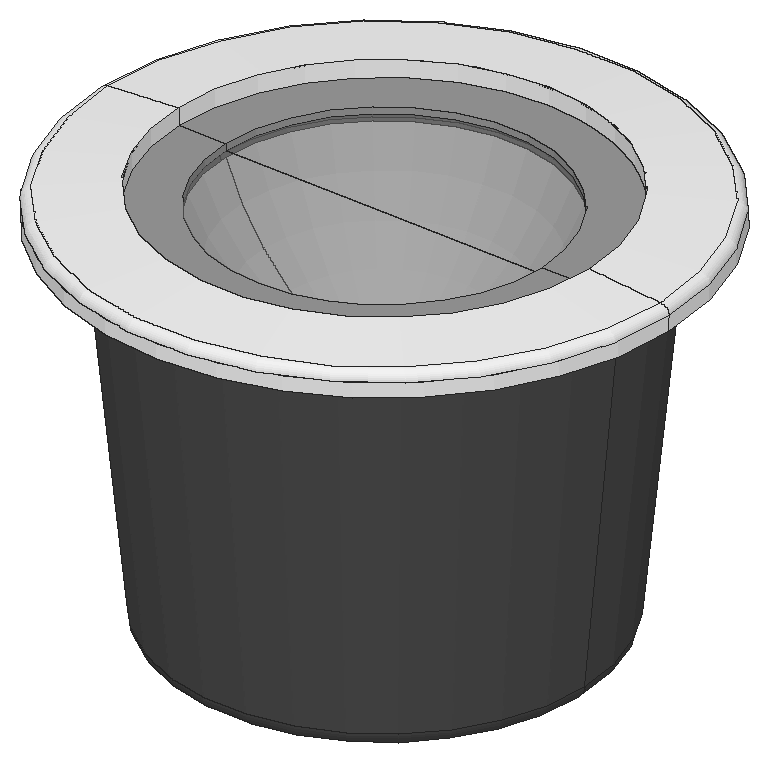
Revit family "3097101 Lighting Fixture_Sylvania_Insaver LED 75 - Round - White Bezel_Ceiling Recessed", category Lighting Fixtures, host Face, Revit 2017
Family settings
  Host = Face
  Round Connector Dimension = Use Diameter
  Part Type = Normal
  OmniClass Number = 23.80.70.11.17
  OmniClass Title = Specialized Lighting by Location or Use
  Cut with Voids When Loaded = No
  Light Source = Yes
  Shared = No
  Room Calculation Point = No
Parameters (values of type "Insaver 75 LED RS WW DB WH")
  Weight = 0.4 kg  # constant formula
  Wattage = 20.1818 W
  built-in parameter 1150110 = 1 (stored number, unit not read)
  Voltage Comments = "UNV (Universal Voltage; 230/240 Volt)"  # constant formula
  Voltage = 230 V  # constant formula
  URL = "http://www.sylvania-lighting.com"
  Transformator Marerial = Metallic Paint_Sylvania_Insaver LED 75_Black_RAL 9005
  built-in parameter 1114217 = 1 (stored number, unit not read)
  Tilt Angle = -90°
  built-in parameter 1150109 = 1 (stored number, unit not read)
  built-in parameter 1150134 = (empty or 0)
  T Class Min = -1 °C
  T Class Max = -1 °C
  built-in parameter 1150113 = 1 (stored number, unit not read)
  Radius = 45.0 mm  # constant formula
  Product Page URL = "http://www.sylvania-lighting.com/product/en-int/products/3097101"
  Product Family = "Insaver LED 75 - Round - White Bezel"  # constant formula
  Photometry Comments = ""
  Photometric Web File = "3097100_Insaver75LEDRSWWDBWH-185530.ies"
  Life = "50 000 h"  # constant formula
  IP Rating = "IP65"  # constant formula
  Emit from Circle Diameter = Diameter - 40.0 mm  # 50.0 mm
  Electrical Protection = "Class II"  # constant formula
  Drive Current = "350 mA"  # constant formula
  Diameter = Radius * 2  # 90.0 mm
  Cutout Diameter = 75.0 mm  # constant formula
  CRI ( Ra ) = 85  # constant formula
  Beam Angle = 55°  # constant formula
  Accesory Material = Metallic Paint_Sylvania_Insaver LED 75_White_RAL 9016
  Height = 65.0 mm  # constant formula
  built-in parameter 1114216 [instance] = 1 (stored number, unit not read)
  Model = "Insaver 75 LED RS WW DB WH"
  Manufacturer = "Feilo Sylvania"
  built-in parameter 1150105 = 70.665 (stored number, unit not read)
  Lumens = 888 lm
  built-in parameter 1150115 = 1 (stored number, unit not read)
  built-in parameter 1150137 = (empty or 0)
  built-in parameter 1150139 = (empty or 0)
  built-in parameter 1150112 = 1 (stored number, unit not read)
  built-in parameter 1150114 = 1 (stored number, unit not read)
  Lamp Comments = "Integrated LED"  # constant formula
  Lamp = "16W High Brightnes LED array"
  built-in parameter 1150132 = 2
  built-in parameter 1150102 = (empty or 0)
  built-in parameter 1150107 = 3000 (stored number, unit not read)
  built-in parameter 1150138 = (empty or 0)
  built-in parameter 1150106 = 0.70665 (stored number, unit not read)
  Reflector Material = Aluminium_Sylvania_Insaver LED 75_Silver
  Emit Shape Visible in Rendering = no
  built-in parameter 1150104 = 4.0877 (stored number, unit not read)
  Dimming Lamp Color Temperature Shift = <None>
  Description = "Innovative square or round design using array chip technology High colour\r\nrendering index CRI Thermal management ensures service life up to 50.000\r\nhrs Low power consumption - 16W"  # constant formula
  Default Elevation = 0.0 mm
  Color Filter = 16777215
  Catalog Number = "3097100 Insaver 75 LED RS WW DB WH"
  built-in parameter 1140040 [instance] = (empty or 0)
  built-in parameter 1114218 = 1 (stored number, unit not read)
  built-in parameter 1150133 = 10 (stored number, unit not read)
  Assembly Code = "D5020200"
  Apparent Load Comments = ""
  Apparent Load = 16 VA
Types (2, lengths in mm): name | Wattage | built-in parameter 1150134 | Photometric Web File | Model | built-in parameter 1150105 | Lumens | built-in parameter 1150107 | built-in parameter 1150106 | Catalog Number
  Insaver 75 LED RS WW DB WH | 20.1818 W | (empty or 0) | "3097100_Insaver75LEDRSWWDBWH-185530.ies" | "Insaver 75 LED RS WW DB WH" | 70.665 (stored number, unit not read) | 888 lm | 3000 (stored number, unit not read) | 0.70665 (stored number, unit not read) | "3097100 Insaver 75 LED RS WW DB WH"
  Insaver 75 LED RS NW DB WH | 18.6364 W | 12 | "3097101_Insaver75LEDRSNWDBWH-185541.ies" | "Insaver 75 LED RS NW DB WH" | 1034.6 (stored number, unit not read) | 820 lm | 4000 (stored number, unit not read) | 10.346 (stored number, unit not read) | "3097101 Insaver 75 LED RS NW DB WH"
Reference planes
  plane 1 "Center (Front/Back)": y = 0
  plane 2: z = 0
  plane 3 "Center (Left/Right)": x = 0
  plane 4: z = 0
  plane 5 "Fixture Bottom": z = 4.5
  plane 6 "Fixture Top": z = -65
  plane 7: z = 2
Forms (mm)
  Extrusion 1, void
    sketch origin (0, 0, 59) x (-1, 0, 0) y (0, -1, 0)
      loop
        circle (0, 0) r 37.5
    from -309 to 86
  Revolve 2, solid, material "Metallic Paint_Sylvania_Insaver LED 75_Black_RAL 9005" <- "Transformator Marerial", detail levels fine
    sketch origin (0, 0, 0) x (1, 0, 0) y (0, 0, 1)
      loop
        arc (26.104, 0) -> (19.919, -11.419) -> (10.298, -20.14) r 38.6
        line (10.298, -20.14) -> (0, -20.14) -> (0, -65)
        arc (0, -65) -> (15.667, -62.963) -> (30.31, -57.032) r 62
        arc (30.31, -57.032) -> (31.261, -56.188) -> (31.777, -55.026) r 3
        arc (31.777, -55.026) -> (35.691, -29.638) -> (37, -3.983) r 252
        line (37, -3.983) -> (37, 0) -> (26.104, 0)
      axis (0, -65) -> (0, 0)
    angle from 0 to 360
  Revolve 3, solid, material "Metallic Paint_Sylvania_Insaver LED 75_White_RAL 9016" <- "Accesory Material", detail levels fine
    sketch origin (0, 0, 27.453) x (1, 0, 0) y (0, 0, 1)
      loop
        line (45, -27.453) -> (45, -25.318)
        arc (45, -25.318) -> (44.613, -24.317) -> (43.654, -23.837) r 1.488
        line (43.654, -23.837) -> (32.5, -22.953) -> (32.5, -27.453) -> (45, -27.453)
      axis (0, -27.453) -> (0, -22.953)
    angle from 0 to 360
  Revolve 4, solid, material "Aluminium_Sylvania_Insaver LED 75_Silver" <- "Reflector Material", detail levels fine
    sketch origin (0, 0, 42.453) x (1, 0, 0) y (0, 0, 1)
      loop
        line (32.5, -42.453) -> (32.5, -40.453) -> (25, -40.453) -> (25, -41.453) -> (0, -41.453) -> (0, -42.453) -> (25.043, -42.453)
        arc (25.043, -42.453) -> (19.112, -53.273) -> (10, -61.593) r 37.622
        line (10, -61.593) -> (0, -61.593) -> (0, -62.593) -> (10.298, -62.593)
        arc (10.298, -62.593) -> (19.918, -53.871) -> (26.104, -42.453) r 38.624
        line (26.104, -42.453) -> (32.5, -42.453)
      axis (0, -62.593) -> (0, -40.453)
    angle from 0 to 360
  Revolve 5, solid, material "Metallic Paint_Sylvania_Insaver LED 75_White_RAL 9016" <- "Accesory Material", detail levels coarse+medium
    sketch origin (0, 0, 60) x (1, 0, 0) y (0, 0, 1)
      loop
        line (0, -55.5) -> (0, -125)
        arc (0, -125) -> (15.667, -122.963) -> (30.31, -117.032) r 62
        arc (30.31, -117.032) -> (31.261, -116.188) -> (31.777, -115.026) r 3
        arc (31.777, -115.026) -> (35.691, -89.638) -> (37, -63.983) r 252
        line (37, -63.983) -> (37, -60) -> (45, -60) -> (45, -55.5) -> (0, -55.5)
      axis (0, -125) -> (0, -55.5)
    angle from 0 to 360
Dimensions and locks
  "Height": host face to plane 6 "Fixture Top"
  "Radius": Revolve 3 sketch curve to imposter light
  locked: plane 5 "Fixture Bottom" to level at 4.5
  locked: plane 5 "Fixture Bottom" to plane 7 at 2.5
  locked: Revolve 3 sketch curve to Revolve 3 sketch curve at 12.5
  locked: Revolve 4 sketch curve to host face at 1
  "Radius": Revolve 5 sketch curve to Revolve 5 sketch curve
  locked: Revolve 5 sketch curve to Revolve 5 sketch curve at 37
  locked: Revolve 2 sketch curve to Revolve 2 sketch curve at 37
  "Cutout Diameter": diameter of Extrusion 1 sketch curve
  aligned and locked: plane 2 to host face
  aligned and locked: level to host face
  aligned and locked: plane 1 "Center (Front/Back)" to imposter light
  aligned and locked: level to Revolve 3 sketch curve
  aligned and locked: imposter light to Revolve 3 sketch curve
  aligned and locked: Revolve 2 sketch curve to level
  aligned and locked: level to Revolve 4 sketch curve  (x2)
  aligned and locked: plane 7 to Revolve 4 sketch curve
  aligned and locked: plane 6 "Fixture Top" to Revolve 5 sketch curve
  aligned and locked: plane 5 "Fixture Bottom" to Revolve 5 sketch curve
  aligned and locked: Revolve 5 sketch curve to Revolve 5 sketch curve
  aligned and locked: plane 6 "Fixture Top" to Revolve 2 sketch curve
  aligned and locked: plane 5 "Fixture Bottom" to imposter light
Automatic sketch dimensions
  host sketch curve to host sketch curve = 1305.563 mm
  host sketch curve to host sketch curve = 1283.632 mm
  Revolve 4 sketch curve to Revolve 4 sketch curve = 0.0 mm  (x2)
  Revolve 4 sketch curve to plane 3 "Center (Left/Right)" = 0.0 mm  (x3)
  Revolve 4 sketch curve to level = 20.14 mm
  Revolve 4 sketch curve to Revolve 4 sketch curve = 10.0 mm
  Revolve 4 sketch curve to Revolve 4 sketch curve = 0.298 mm
  plane 3 "Center (Left/Right)" to Revolve 4 sketch curve = 25.0 mm
  Revolve 4 sketch curve to Revolve 4 sketch curve = 0.043 mm
  Revolve 4 sketch curve to Revolve 4 sketch curve = 1.06 mm
  Revolve 4 sketch curve to Revolve 4 sketch curve = 6.396 mm
  plane 5 "Fixture Bottom" to Revolve 4 sketch curve = 7.927 mm
  Revolve 4 sketch curve to plane 6 "Fixture Top" = 195.546 mm
  Revolve 4 sketch curve to Revolve 4 sketch curve = 337.219 mm
  Revolve 2 sketch curve to plane 3 "Center (Left/Right)" = 0.0 mm  (x2)
  Revolve 2 sketch curve to level = 20.14 mm
  plane 3 "Center (Left/Right)" to Revolve 2 sketch curve = 10.298 mm
  Revolve 2 sketch curve to Revolve 2 sketch curve = 10.896 mm
  plane 5 "Fixture Bottom" to Revolve 2 sketch curve = 7.911 mm
  Revolve 2 sketch curve to plane 6 "Fixture Top" = 237.999 mm
  Revolve 2 sketch curve to Revolve 2 sketch curve = 294.19 mm
  Revolve 2 sketch curve to level = 3.983 mm
  Revolve 2 sketch curve to plane 3 "Center (Left/Right)" = 0.096 mm
  plane 6 "Fixture Top" to Revolve 2 sketch curve = 10.582 mm
  plane 3 "Center (Left/Right)" to Revolve 2 sketch curve = 28.839 mm
  Revolve 2 sketch curve to Revolve 2 sketch curve = 1.471 mm
  Revolve 2 sketch curve to Revolve 2 sketch curve = 0.0 mm  (x2)
  plane 1 "Center (Front/Back)" to Extrusion 1 sketch curve = 0.0 mm
  Extrusion 1 sketch curve to plane 3 "Center (Left/Right)" = 0.0 mm
  Revolve 3 sketch curve to plane 3 "Center (Left/Right)" = 0.0 mm
  plane 7 to Revolve 3 sketch curve = 0.135 mm
  Revolve 3 sketch curve to Revolve 3 sketch curve = 1.488 mm
  Revolve 3 sketch curve to plane 5 "Fixture Bottom" = 0.884 mm
  Revolve 3 sketch curve to plane 6 "Fixture Top" = 210.546 mm
  plane 5 "Fixture Bottom" to Revolve 3 sketch curve = 329.554 mm
  Revolve 5 sketch curve to plane 3 "Center (Left/Right)" = 0.0 mm
  Revolve 5 sketch curve to level = 0.0 mm
  Revolve 5 sketch curve to plane 3 "Center (Left/Right)" = 0.096 mm
  Revolve 5 sketch curve to level = 3.983 mm
  Revolve 5 sketch curve to Revolve 5 sketch curve = 214.904 mm
  plane 6 "Fixture Top" to Revolve 5 sketch curve = 10.582 mm
  plane 3 "Center (Left/Right)" to Revolve 5 sketch curve = 28.839 mm
  Revolve 5 sketch curve to level = 3.0 mm
  Revolve 5 sketch curve to Revolve 5 sketch curve = 0.0 mm
  Revolve 5 sketch curve to plane 6 "Fixture Top" = 177.999 mm
  Revolve 5 sketch curve to Revolve 5 sketch curve = 362.101 mm
Connectors
  electrical at (0, 0, -65), driven by "Voltage", driven by "Apparent Load"
    settings: index 1, voltage 230 V, apparent load 0 VA, apparent load phase1 16 VA, apparent load phase2 0 VA, apparent load phase3 0 VA, power factor 1, load classification "Lighting", number of poles 1, system type 31, power factor state 1, is connector primary yes, connector utility no, sub classification motor no, connector description ""
